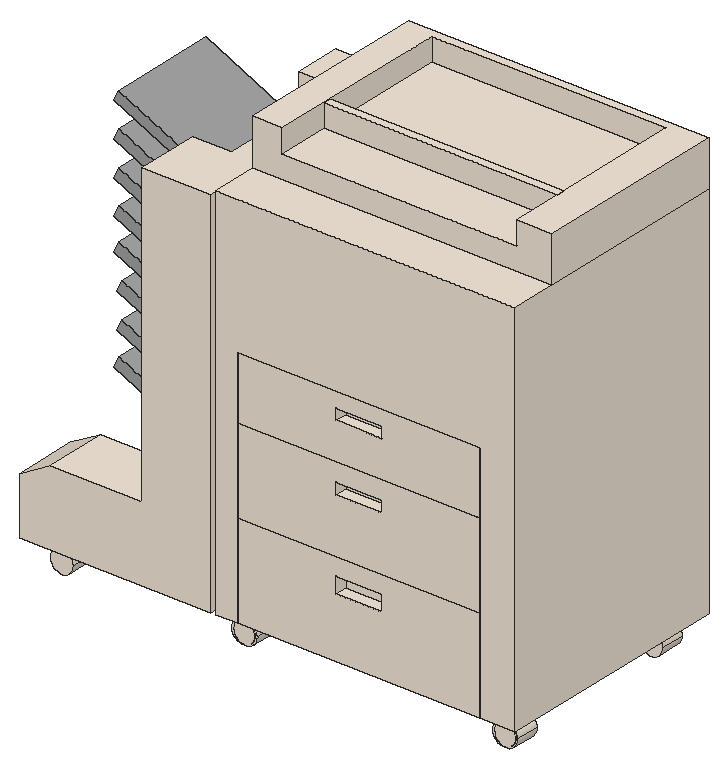
Revit family
Parameters
  Material Trays = Plastic - Gray,Dark
  Material Copier = Plastic - White
  Keynote = "N"
  Assembly Code = "E1010800"
Reference planes
  plane 1 "Center F/B": y = 24.669
  plane 2: z = 0
  plane 3 "Center L/R": x = -2.165
  plane 4: x = -332.365
  plane 5: x = 328.035
  plane 6: y = 291.369
  plane 7: y = -242.031
Forms (mm)
  Extrusion 1, solid, material "Plastic - White" <- "Material Copier"
    sketch origin (0, 0, 0) x (1, 0, 0) y (0, 1, 0)
      loop
        line (-332.365, 291.369) -> (-332.365, -242.031) -> (328.035, -242.031) -> (328.035, 291.369) -> (-332.365, 291.369)
    from 76.2 to 914.4
  Extrusion 2, solid, material "Plastic - White" <- "Material Copier"
    sketch origin (0, 0, 0) x (1, 0, 0) y (0, 1, 0)
      loop
        line (-332.365, 291.369) -> (-332.365, -139.905) -> (328.035, -139.905) -> (328.035, 291.369) -> (-332.365, 291.369)
    from 914.4 to 1016
  Extrusion 3, void
    sketch origin (0, 0, 0) x (1, 0, 0) y (0, 1, 0)
      loop
        line (-267.296, 271.111) -> (-267.296, -151.694) -> (249.314, -151.694) -> (249.314, 271.111) -> (-267.296, 271.111)
    from 965.2 to 1034.083
  Extrusion 4, void
    sketch origin (-332.365, -242.031, 914.4) x (0, 0, -1) y (1, 0, 0)
      loop
        line (838.2, 48.279) -> (838.2, 581.679) -> (304.8, 581.679) -> (304.8, 48.279) -> (838.2, 48.279)
    from 0 to -50.8
  Extrusion 5, solid, material "Plastic - White" <- "Material Copier"
    sketch origin (0, 24.669, 0) x (1, 0, 0) y (0, 0, 1)
      loop
        line (-284.086, 76.2) -> (249.314, 76.2) -> (249.314, 283.872) -> (-284.086, 283.872) -> (-284.086, 76.2)
    from 266.7 to 215.9
  Extrusion 6, solid, material "Plastic - White" <- "Material Copier"
    sketch origin (0, 24.669, 0) x (1, 0, 0) y (0, 0, 1)
      loop
        line (-284.086, 283.872) -> (249.314, 283.872) -> (249.314, 472.355) -> (-284.086, 472.355) -> (-284.086, 283.872)
    from 266.7 to 215.9
  Extrusion 7, solid, material "Plastic - White" <- "Material Copier"
    sketch origin (0, 24.669, 0) x (1, 0, 0) y (0, 0, 1)
      loop
        line (-284.086, 472.355) -> (249.314, 472.355) -> (249.314, 609.6) -> (-284.086, 609.6) -> (-284.086, 472.355)
    from 266.7 to 215.9
  Extrusion 8, void
    sketch origin (-332.365, -242.031, 914.4) x (0, 0, -1) y (1, 0, 0)
      loop
        line (335.541, 265.591) -> (360.941, 265.591) -> (360.941, 367.191) -> (335.541, 367.191) -> (335.541, 265.591)
      loop
        line (482.023, 265.591) -> (508, 265.591) -> (508, 367.191) -> (482.023, 367.191) -> (482.023, 265.591)
      loop
        line (667.858, 265.591) -> (703.29, 265.591) -> (703.29, 367.191) -> (667.858, 367.191) -> (667.858, 265.591)
    from 0 to -25.4
  Extrusion 9, solid, material "Plastic - White" <- "Material Copier"
    sketch origin (0, 0, 0) x (1, 0, 0) y (0, 1, 0)
      loop
        line (-267.296, -26.131) -> (249.314, -26.131) -> (249.314, -10.058) -> (-267.296, -10.058) -> (-267.296, -26.131)
    from 965.2 to 1016
  Extrusion 10, solid, material "Plastic - White"
    sketch origin (-12.481, 24.669, 0) x (1, 0, 0) y (0, 0, 1)
      loop
        circle (-294.149, 27.913) r 25.4
      loop
        circle (280.847, 27.913) r 25.4
    from 215.9 to 164.574
  Extrusion 11, solid, material "Plastic - White" <- "Material Copier"
    sketch origin (-18.107, 24.669, 0) x (1, 0, 0) y (0, 0, 1)
      loop
        circle (-294.149, 27.913) r 25.4
      loop
        circle (280.847, 27.913) r 25.4
    from 215.9 to 164.574
  Extrusion 12, solid, material "Plastic - White"
    sketch origin (-18.107, 431.069, 0) x (1, 0, 0) y (0, 0, 1)
      loop
        circle (-294.149, 27.913) r 25.4
      loop
        circle (280.847, 27.913) r 25.4
    from 215.9 to 164.574
  Extrusion 13, solid, material "Plastic - White" <- "Material Copier"
    sketch origin (0, 24.669, 0) x (1, 0, 0) y (0, 0, 1)
      loop
        line (-342.574, 76.2) -> (-342.574, 901.7) -> (-494.974, 901.7) -> (-494.974, 241.3) -> (-698.174, 241.3) -> (-764.165, 203.2) -> (-764.165, 76.2) -> (-342.574, 76.2)
    from -266.7 to 266.7
  Extrusion 14, solid, material "Plastic - White" <- "Material Copier"
    sketch origin (0, 24.669, 0) x (1, 0, 0) y (0, 0, 1)
      loop
        circle (-711.871, 26.067) r 25.4
    from 164.574 to 215.9
  Extrusion 15, solid, material "Plastic - White"
    sketch origin (0, 24.669, 0) x (1, 0, 0) y (0, 0, 1)
      loop
        circle (-711.871, 26.067) r 25.4
    from -246.442 to -190.5
  Extrusion 16, void
    sketch origin (0, 20.444, 0) x (1, 0, 0) y (0, 1, 0)
      loop
        line (-764.165, 169.325) -> (-764.165, -121.333) -> (-409.673, -121.333) -> (-409.673, 169.325) -> (-764.165, 169.325)
    from 0 to 914.4
  Extrusion 17, solid, material "Plastic - Gray,Dark" <- "Material Trays"
    sketch origin (0, 24.669, 0) x (1, 0, 0) y (0, 0, 1)
      loop
        line (-409.673, 635) -> (-681.654, 761.827) -> (-692.388, 738.807) -> (-409.673, 606.974) -> (-409.673, 635)
    from -142.985 to 96.837
  Extrusion 18, solid, material "Plastic - Gray,Dark" <- "Material Trays"
    sketch origin (0, 24.669, -76.2) x (1, 0, 0) y (0, 0, 1)
      loop
        line (-409.673, 635) -> (-681.654, 761.827) -> (-692.388, 738.807) -> (-409.673, 606.974) -> (-409.673, 635)
    from -142.985 to 96.837
  Extrusion 19, solid, material "Plastic - Gray,Dark" <- "Material Trays"
    sketch origin (0, 24.669, -146.05) x (1, 0, 0) y (0, 0, 1)
      loop
        line (-409.673, 635) -> (-681.654, 761.827) -> (-692.388, 738.807) -> (-409.673, 606.974) -> (-409.673, 635)
    from -142.985 to 96.837
  Extrusion 20, solid, material "Plastic - Gray,Dark" <- "Material Trays"
    sketch origin (0, 24.669, 76.2) x (1, 0, 0) y (0, 0, 1)
      loop
        line (-409.673, 635) -> (-681.654, 761.827) -> (-692.388, 738.807) -> (-409.673, 606.974) -> (-409.673, 635)
    from -142.985 to 96.837
  Extrusion 21, solid, material "Plastic - Gray,Dark" <- "Material Trays"
    sketch origin (0, 24.669, 152.4) x (1, 0, 0) y (0, 0, 1)
      loop
        line (-409.673, 635) -> (-681.654, 761.827) -> (-692.388, 738.807) -> (-409.673, 606.974) -> (-409.673, 635)
    from -142.985 to 96.837
  Extrusion 22, solid, material "Plastic - Gray,Dark" <- "Material Trays"
    sketch origin (6.641, 24.669, -221.96) x (1, 0, 0) y (0, 0, 1)
      loop
        line (-416.314, 638.097) -> (-681.654, 761.827) -> (-692.388, 738.807) -> (-416.314, 610.071) -> (-416.314, 638.097)
    from -142.985 to 96.837
  Extrusion 23, solid, material "Plastic - Gray,Dark" <- "Material Trays"
    sketch origin (6.641, 24.669, -298.16) x (1, 0, 0) y (0, 0, 1)
      loop
        line (-416.314, 638.097) -> (-681.654, 761.827) -> (-692.388, 738.807) -> (-416.314, 610.071) -> (-416.314, 638.097)
    from -142.985 to 96.837
  Extrusion 24, solid, material "Plastic - Gray,Dark" <- "Material Trays"
    sketch origin (0, 24.669, -374.07) x (1, 0, 0) y (0, 0, 1)
      loop
        line (-409.673, 635) -> (-681.654, 761.827) -> (-692.388, 738.807) -> (-409.673, 606.974) -> (-409.673, 635)
    from -142.985 to 96.837
Cuts and joins
  Extrusion 3, Extrusion 4, Extrusion 8, Extrusion 16 cuts Extrusion 1
  Extrusion 3, Extrusion 4, Extrusion 8, Extrusion 16 cuts Extrusion 2
  Extrusion 8, Extrusion 16 cuts Extrusion 5
  Extrusion 8, Extrusion 16 cuts Extrusion 6
  Extrusion 8, Extrusion 16 cuts Extrusion 7
  Extrusion 16 cuts Extrusion 9
  Extrusion 16 cuts Extrusion 10
  Extrusion 16 cuts Extrusion 11
  Extrusion 16 cuts Extrusion 12
  Extrusion 16 cuts Extrusion 13
  Extrusion 16 cuts Extrusion 14
  Extrusion 16 cuts Extrusion 15
